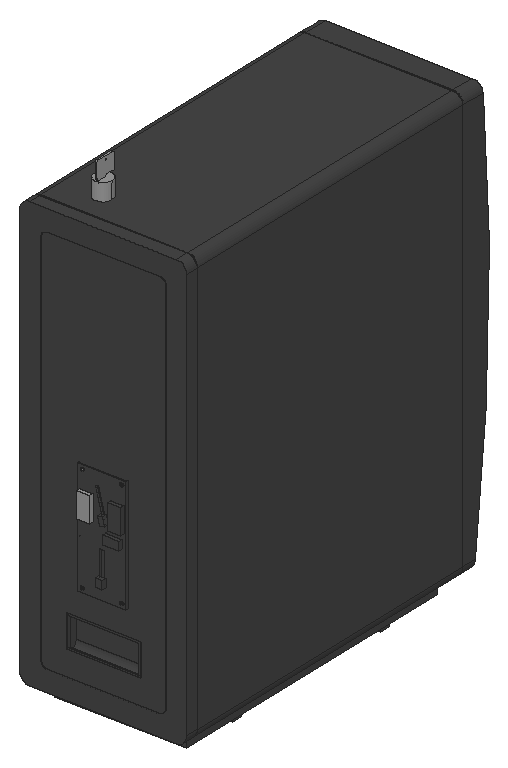
Revit family "Franke_Münzprüfer-A200", category Sonderausstattung, Revit 2015
Parameters (values of type "Münzprüfer - A200(85-264V/black line/EU)")
  URL = "http://www.franke.com/main/de/cs/produkte/produktsuche/produktsuche.html#akCache=true&p=1&t=grid&f=cat14_3210"
  Tiefe = 452 mm
  Spannung min. = 85 V
  Spannung max. = 264 V
  Sicherung = "10 A"
  Netzfrequenz alternativ = 60 Hz
  Netzfrequenz = 50 Hz
  Modell = "410896 - Münzprüfer - A200"
  Leistung = 76.8 W
  Kosten = 0
  Höhe = 544 mm
  Hersteller = "Franke"
  Energieverlust nach DIN18873 = "k.A."
  Breite = 200 mm
  Beschreibung = "Beistellgerät Münzprüfer ermöglicht den Kaffeeausschank in der Selbstbedienung"
  Assembly Code = "Beistellgerät Münzprüfer (A200)"
  Keynote = "Beistellgerät Münzprüfer (A200)"
  Aufstellgewicht = "18 kg"
  Anzahl von Polen = 1
  Anzahl der Schutzleiter = "1"
  Anzahl der Nullleiter = "1"
  Abdeckung = Franke Black
Types (3, lengths in mm): name | Abdeckung
  (no name) | Franke Black
  Münzprüfer - A200(85-264V/black line/EU) | Franke Black
  Münzprüfer - A200(85-264V/anthrazit/EU) | Franke Anthrazit
Reference planes
  plane 1 "Mitte (Vorne/Hinten)": y = 0
  plane 2: z = 0
  plane 3 "Mitte (Links/Rechts)": x = 0
Forms (mm)
  Extrusion 1, solid, material "Franke Black"
    sketch origin (0, 0, -41) x (0, 1, 0) y (0, 0, 1)
      loop
        line (186.97, 65) -> (-188.03, 65) -> (-188.03, 45) -> (186.97, 45) -> (186.97, 65)
    from -79 to 79
  Extrusion 2, solid, material "Franke Black"
    sketch origin (-1000, 0, -41) x (0, 1, 0) y (0, 0, 1)
      loop
        line (199.53, 585) -> (199.53, 65) -> (216.03, 65)
        arc (216.03, 65) -> (224.982, 150.997) -> (233.478, 237.039) r 16328.175
        arc (233.478, 237.039) -> (233.864, 241.879) -> (234.093, 246.728) r 150
        arc (234.093, 246.728) -> (236.227, 326.074) -> (237.701, 405.435) r 9548.581
        arc (237.701, 405.435) -> (237.699, 406.999) -> (237.648, 408.563) r 50
        arc (237.648, 408.563) -> (233.118, 496.797) -> (228.03, 585) r 14002.549
        line (228.03, 585) -> (199.53, 585)
    from 900 to 1100
  Extrusion 3, void
    sketch origin (-1000, 0, -41) x (1, 0, 0) y (0, 0, 1)
      loop
        arc (1088, 585) -> (1096.485, 581.485) -> (1100, 573) r 12
        line (1100, 573) -> (1110, 573) -> (1110, 595) -> (1088, 595) -> (1088, 585)
      loop
        line (1088, 65) -> (1088, 55) -> (1110, 55) -> (1110, 77) -> (1100, 77)
        arc (1100, 77) -> (1096.485, 68.515) -> (1088, 65) r 12
      loop
        line (912, 585) -> (912, 595) -> (890, 595) -> (890, 573) -> (900, 573)
        arc (900, 573) -> (903.515, 581.485) -> (912, 585) r 12
      loop
        arc (912, 65) -> (903.515, 68.515) -> (900, 77) r 12
        line (900, 77) -> (890, 77) -> (890, 55) -> (912, 55) -> (912, 65)
    from -305.226 to 299.817
  Extrusion 4, solid
    sketch origin (0, 397.56, -41) x (1, 0, 0) y (0, 0, 1)
      loop
        line (-85, 65) -> (85, 65) -> (85, 575) -> (-85, 575) -> (-85, 65)
    from 198.03 to 199.53
  Extrusion 5, solid
    sketch origin (0, 0, -41) x (1, 0, 0) y (0, 0, 1)
      loop
        line (-85, 65) -> (85, 65) -> (85, 575) -> (-85, 575) -> (-85, 65)
    from 198.03 to 199.53
  Extrusion 6, solid, material "Franke Black"
    sketch origin (0, 0, -41) x (1, 0, 0) y (0, 0, 1)
      loop
        line (88, 585) -> (-88, 585)
        arc (-88, 585) -> (-96.485, 581.485) -> (-100, 573) r 12
        line (-100, 573) -> (-100, 77)
        arc (-100, 77) -> (-96.485, 68.515) -> (-88, 65) r 12
        line (-88, 65) -> (88, 65)
        arc (88, 65) -> (96.485, 68.515) -> (100, 77) r 12
        line (100, 77) -> (100, 573)
        arc (100, 573) -> (96.485, 581.485) -> (88, 585) r 12
    from -198.03 to 198.03
  Extrusion 7, solid, material "Franke Stahl, verchromt"
    sketch origin (0, 0, -41) x (1, 0, 0) y (0, 1, 0)
      loop
        circle (-42, -162.53) r 11
    from 585 to 605
  Extrusion 8, solid, material "Franke Black" <- "Abdeckung"
    sketch origin (0, 0, -41) x (1, 0, 0) y (0, 0, 1)
      loop
        line (88, 585) -> (-88, 585)
        arc (-88, 585) -> (-96.485, 581.485) -> (-100, 573) r 12
        line (-100, 573) -> (-100, 77)
        arc (-100, 77) -> (-96.485, 68.515) -> (-88, 65) r 12
        line (-88, 65) -> (88, 65)
        arc (88, 65) -> (96.485, 68.515) -> (100, 77) r 12
        line (100, 77) -> (100, 573)
        arc (100, 573) -> (96.485, 581.485) -> (88, 585) r 12
      loop
        arc (67, 90) -> (72.657, 92.343) -> (75, 98) r 8
        line (75, 98) -> (75, 552)
        arc (75, 552) -> (72.657, 557.657) -> (67, 560) r 8
        line (67, 560) -> (-67, 560)
        arc (-67, 560) -> (-72.657, 557.657) -> (-75, 552) r 8
        line (-75, 552) -> (-75, 98)
        arc (-75, 98) -> (-72.657, 92.343) -> (-67, 90) r 8
        line (-67, 90) -> (67, 90)
    from 199.53 to 214.53
  Extrusion 9, solid, material "Franke Black"
    sketch origin (0, 0, -41) x (1, 0, 0) y (0, 0, 1)
      loop
        arc (-67, 560) -> (-72.657, 557.657) -> (-75, 552) r 8
        line (-75, 552) -> (-75, 98)
        arc (-75, 98) -> (-72.657, 92.343) -> (-67, 90) r 8
        line (-67, 90) -> (67, 90)
        arc (67, 90) -> (72.657, 92.343) -> (75, 98) r 8
        line (75, 98) -> (75, 552)
        arc (75, 552) -> (72.657, 557.657) -> (67, 560) r 8
        line (67, 560) -> (-67, 560)
    from 199.53 to 214.53
  Extrusion 10, solid
    sketch origin (0, 0, -41) x (1, 0, 0) y (0, 0, 1)
      loop
        line (-85, 65) -> (85, 65) -> (85, 575) -> (-85, 575) -> (-85, 65)
    from 198.03 to 199.53
  Extrusion 11, solid, material "Franke Stahl, verchromt"
    sketch origin (0, 0, -1.5) x (0, 1, 0) y (0, 0, 1)
      loop
        arc (-172.53, 569.367) -> (-172.178, 568.234) -> (-171.247, 567.5) r 2
        line (-171.247, 567.5) -> (-171.247, 565.5) -> (-160.53, 565.5) -> (-160.53, 566.541)
        arc (-160.53, 566.541) -> (-160.249, 567.219) -> (-159.571, 567.5) r 0.959
        line (-159.571, 567.5) -> (-149.53, 567.5)
        arc (-149.53, 567.5) -> (-148.116, 568.086) -> (-147.53, 569.5) r 2
        line (-147.53, 569.5) -> (-147.53, 585.5)
        arc (-147.53, 585.5) -> (-148.116, 586.914) -> (-149.53, 587.5) r 2
        line (-149.53, 587.5) -> (-170.53, 587.5)
        arc (-170.53, 587.5) -> (-171.944, 586.914) -> (-172.53, 585.5) r 2
        line (-172.53, 585.5) -> (-172.53, 569.367)
      loop
        circle (-160.03, 583.965) r 2
    from -43 to -41
  Extrusion 12, solid, material "Franke Black"
    sketch origin (0, 0, -21) x (1, 0, 0) y (0, 0, 1)
      loop
        line (-44.5, 139) -> (-44.5, 100) -> (44.5, 100) -> (44.5, 139) -> (-44.5, 139)
      loop
        line (-42.5, 137) -> (-42.5, 102) -> (42.5, 102) -> (42.5, 137) -> (-42.5, 137)
    from 212.53 to 214.53
  Extrusion 13, void
    sketch origin (0, 0, -21) x (0, 1, 0) y (0, 0, 1)
      loop
        line (-231.966, 139) -> (-231.966, 100) -> (-212.53, 100) -> (-212.53, 95) -> (-210.53, 95)
        arc (-210.53, 95) -> (-203.459, 97.929) -> (-200.53, 105) r 10
        line (-200.53, 105) -> (-200.53, 144) -> (-212.53, 144) -> (-212.53, 139) -> (-231.966, 139)
    from -44.5 to 44.5
  Extrusion 14, solid, material "Franke Black"
    sketch origin (0, 0, 0) x (1, 0, 0) y (0, 0, 1)
      loop
        line (29, 285.082) -> (-29, 285.082) -> (-29, 148) -> (29, 148) -> (29, 285.082)
      loop
        circle (-23.594, 280.3) r 2
      loop
        circle (-23.594, 152.782) r 2
      loop
        circle (23.594, 280.3) r 2
      loop
        circle (23.594, 152.782) r 2
      loop
        line (-27, 207.541) -> (27, 207.541) -> (27, 208.541) -> (-27, 208.541) -> (-27, 207.541)
      loop
        line (-27, 225.541) -> (-27, 224.541) -> (27, 224.541) -> (27, 225.541) -> (-27, 225.541)
      loop
        line (24, 221.541) -> (5, 221.541) -> (5, 211.541) -> (24, 211.541) -> (24, 221.541)
      loop
        line (3, 202.541) -> (-3, 202.541) -> (-3, 162.541) -> (3, 162.541) -> (3, 202.541)
      loop
        line (-26, 228.541) -> (-11, 228.541) -> (-11, 258.541) -> (-26, 258.541) -> (-26, 228.541)
      loop
        line (26, 228.541) -> (26, 258.541) -> (11, 258.541) -> (11, 228.541) -> (26, 228.541)
      loop
        line (-4.245, 270.213) -> (-8.108, 269.178) -> (2.245, 230.541) -> (6.108, 231.576) -> (-4.245, 270.213)
    from 214.53 to 216.53
  Extrusion 15, solid, material "Franke Black"
    sketch origin (0, 0, 0) x (1, 0, 0) y (0, 0, 1)
      loop
        line (4, 162.541) -> (4, 172.541) -> (-4, 172.541) -> (-4, 162.541) -> (4, 162.541)
    from 216.53 to 221.53
  Extrusion 16, solid, material "Franke Kunststoff, grün"
    sketch origin (0, 0, 0) x (1, 0, 0) y (0, 0, 1)
      loop
        line (-26, 258.541) -> (-26, 228.541) -> (-11, 228.541) -> (-11, 258.541) -> (-26, 258.541)
    from 214.53 to 221.53
  Extrusion 17, solid, material "Franke Black"
    sketch origin (0, 0, 0) x (1, 0, 0) y (0, 0, 1)
      loop
        line (11, 258.541) -> (11, 228.541) -> (26, 228.541) -> (26, 258.541) -> (11, 258.541)
    from 214.53 to 221.53
  Extrusion 18, solid, material "Franke Black"
    sketch origin (0, 0, 0) x (1, 0, 0) y (0, 0, 1)
      loop
        line (5, 221.541) -> (5, 211.541) -> (24, 211.541) -> (24, 221.541) -> (5, 221.541)
    from 214.53 to 221.53
  Extrusion 19, solid, material "Franke Edelstahl, poliert"
    sketch origin (0, 0, 0) x (1, 0, 0) y (0, 0, 1)
      loop
        circle (23.594, 280.3) r 2
      loop
        circle (-23.594, 280.3) r 2
      loop
        circle (23.594, 152.782) r 2
      loop
        circle (-23.594, 152.782) r 2
    from 214.53 to 216.53
  Extrusion 20, solid, material "Franke Black"
    sketch origin (46.245, 0, 74.056) x (0.965926, 0, 0.258819) y (-0.258819, 0, 0.965926)
      loop
        line (3, 162.541) -> (3, 172.541) -> (-3, 172.541) -> (-3, 162.541) -> (3, 162.541)
    from 216.53 to 221.53
  Extrusion 21, solid, material "Franke Stahl, verchromt"
    sketch origin (0, 0, 0) x (1, 0, 0) y (0, 1, 0)
      loop
        circle (0, 156.641) r 2.5
    from 0 to 4
  Extrusion 22, void
    sketch origin (-35.869, -27.22, -41) x (1, 0, 0) y (0, 1, 0)
      loop
        circle (-21.631, -111.61) r 16
      loop
        circle (-21.631, 165.89) r 16
      loop
        circle (93.369, -111.61) r 16
      loop
        circle (93.369, 165.89) r 16
    from 41 to 50
  Extrusion 23, solid, material "Franke Black"
    sketch origin (0, 0, 0) x (1, 0, 0) y (0, 1, 0)
      loop
        line (63, -104.63) -> (63, -116.63) -> (77, -116.63) -> (77, -104.63) -> (63, -104.63)
      loop
        line (63, 116.47) -> (63, 104.47) -> (77, 104.47) -> (77, 116.47) -> (63, 116.47)
      loop
        line (-63, -104.63) -> (-77, -104.63) -> (-77, -116.63) -> (-63, -116.63) -> (-63, -104.63)
      loop
        line (-63, 116.47) -> (-77, 116.47) -> (-77, 104.47) -> (-63, 104.47) -> (-63, 116.47)
    from 0 to 4
Cuts and joins
  Extrusion 3 cuts Extrusion 8
  Extrusion 3 cuts Extrusion 2
  Extrusion 13 cuts Extrusion 9
  Extrusion 22 cuts Extrusion 1
Dimensions and locks
  aligned and locked: level to plane 2
Connectors
  electrical at (0, 156.641, 0), driven by "Spannung max.", driven by "Anzahl von Polen"
    settings: on Extrusion 21, index 1, voltage 264 V, apparent load 0 VA, apparent load phase1 0 VA, apparent load phase2 0 VA, apparent load phase3 0 VA, power factor 1, load classification "Strom", number of poles 1, system type 31, power factor state 1, is connector primary yes, connector utility no, sub classification motor no, connector description ""
